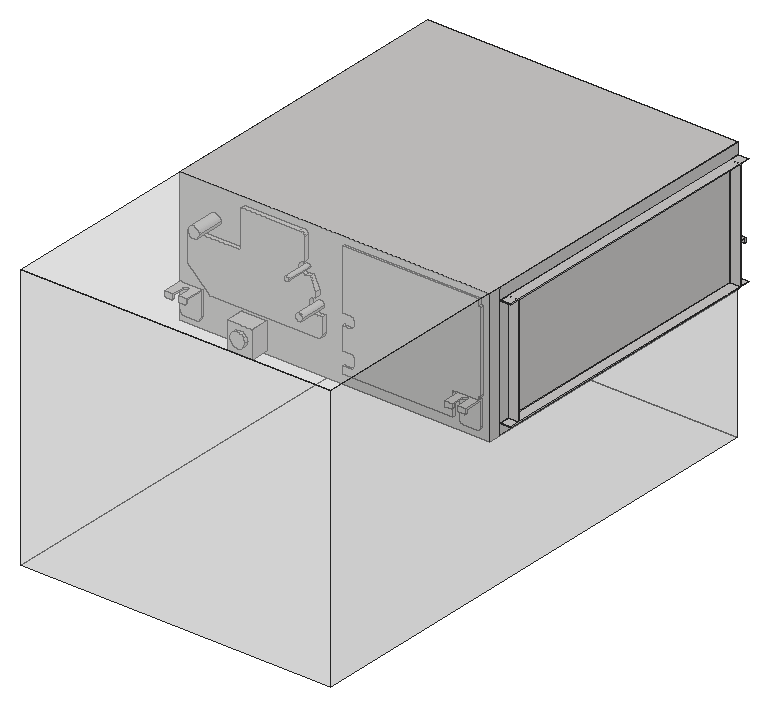
Revit family "outputfile", category 機械設備, Revit 2024
Family settings
  丸型コネクタ寸法 = 半径を使用
  パーツ タイプ = 標準
  OmniClass 番号 = 23.75.10.24.21.27.27
  OmniClass タイトル = Split System Air Conditioning Units
  作業面ベース = いいえ
  常に垂直 = はい
  ロード時にボイドで切り取り = いいえ
  注釈の向きを維持 = いいえ
  共有 = いいえ
  部屋計算ポイント = はい
Parameters (values of type "FXMQ80BFV2S")
  Description = ""
  製造元 = "Daikin"
  書き出し IFC クラス(タイプ) = "IfcUnitaryEquipmentType"
  定義済み IFC タイプ(タイプ) = "AIRCONDITIONINGUNIT"
  Cost = 0
  モデル = "FXMQ80BFV2S"
  Type Comments = ""
  Keynote = ""
  Type Image = (empty or 0)
  Assembly Code = ""
  w_dischargeflange = 505.0 mm
  w_suctionflange = 670.0 mm
  r_Liquid Pipe Size = Liquid Pipe Size / 2  # 4.75 mm
  r_Gas Pipe Size = Gas Pipe Size / 2  # 7.95 mm
  r_Drain Pipe Size = Drain Pipe Size / 2  # 12.5 mm
  lw_powersupply = 380.0 mm  # constant formula
  lw_mountinghole_pitch = 631.0 mm  # constant formula
  lw_mountinghole = 27.0 mm  # constant formula
  lw_maintenacesocket = 169.0 mm  # constant formula
  lw_liquidpipe = 290.0 mm  # constant formula
  lw_gaspipe = 318.0 mm  # constant formula
  lw_drainpipe = 80.0 mm  # constant formula
  lh_dischargeflange = 165.0 mm  # constant formula
  lh_powersupply = 56.0 mm  # constant formula
  lh_maintenacesocket = 40.0 mm  # constant formula
  lh_liquidpipe = 212.0 mm  # constant formula
  lh_gaspipe = 144.0 mm  # constant formula
  lh_drainpipe = 232.0 mm  # constant formula
  lh_suctionflange = 150.0 mm  # constant formula
  lh_antena = Height - lh_mountinghole + 1.0 mm  # 221.0 mm
  ld_dischargeflange = 285.0 mm
  ld_powersupply = Depth / 2  # 350.0 mm
  ld_mountinghole_pitch = 738.0 mm
  ld_suctionflange = 363.0 mm
  h_dischargeflange = 265.0 mm  # constant formula
  lh_mountinghole = 80.0 mm  # constant formula
  h_mountinghole = [h***] + lh_mountinghole  # 80.0 mm
  h_suctionflange = 297.0 mm  # constant formula
  h*** = 0.0 mm  # constant formula
  d_dischargeflange = 25.0 mm  # constant formula
  d_pipe = 60.0 mm
  d_suctionflange = 25.0 mm  # constant formula
  Width = 700.0 mm
  Voltage_comment_50Hz = "220-240"
  Voltage_50Hz = 230 V
  Version = "ver.1.0"
  Unit Type = "Outdoor Air Processing Unit"
  Unit Mass Weight = 28.00 kg
  Unit Designation [instance] = ""
  Uniclass2015Version = "Products v1.30"
  Uniclass2015Title = "Variable refrigerant flow units"
  Uniclass2015Code = "Pr_70_65_03_94"
  URL = ""
  Total Cooling Capacity [instance] = 0.000 kW
  Supply Air Direction [instance] = yes
  Sound Pressure Level_M speed (dBA) = 30
  Sound Pressure Level_L speed (dBA) = 23
  Sound Pressure Level_H speed (dBA) = 37.5
  Sound Power Level_H speed (dB) = 0
  Series = "VRV Fan Coil Unit"
  Sensible Cooling Capacity [instance] = 0.000 kW
  SA Duct Size Width = 460.0 mm
  SA Duct Size Height = 215.0 mm
  Refrigerant Type = "R410A"
  Power Input (Cooling) = 0.080 kW
  Phase_50Hz = 1
  Option Accessory 3 [instance] = ""
  Option Accessory 2 [instance] = ""
  Option Accessory 1 [instance] = ""
  OA Duct Size Width = 625.0 mm
  OA Duct Size Height = 247.0 mm
  Nominal Cooling Capacity = 9.000 kW
  Minimum External Static Pressure = 50.00 Pa
  Minimum Circuit Amps_50Hz = 1.38 A
  Minimum Airflow = 348.00 m³/h
  Median Airflow = 516.00 m³/h
  Maximum Fuse Amps_50Hz = 16.0 A
  Maximum External Static Pressure = 200.00 Pa
  Maximum Airflow = 690.00 m³/h
  Material_Casing = DAIKIN_GalvanizedSteel_Casing_indoorunit
  Load Classification = HVAC
  Liquid Pipe Size = 9.5 mm
  Link_Nested Family [instance] = ""
  IfcVersion = "0"
  IfcExportType = "AIRCONDITIONINGUNIT"
  IfcExportAs = "IfcUnitaryEquipmentType"
  Height = 300.0 mm
  Heat Exchanger Type = "Cross Fin Coil"
  Gas Pipe Size = 15.9 mm
  Frequency_50Hz = 50 Hz
  Fan Type = "Sirocco Fan"
  Fan Drive = "Direct Drive"
  FCU Tag No. [instance] = ""
  Drain Pipe Size = 25.0 mm
  Design Supply Airflow [instance] = 0.00 m³/h
  Design Outdoor Airflow [instance] = 0.00 m³/h
  Design External Static Pressure [instance] = 0.00 Pa
  Depth = 700.0 mm
  既定の高さ = 0.0 mm
  Cooling Entering Wet Bulb Temperature [instance] = 0.00 °C
  Cooling Entering Dry Bulb Temperature [instance] = 0.00 °C
  Cooling Ambient Wet Bulb Temperature [instance] = 0.00 °C
  Cooling Ambient Dry Bulb Temperature [instance] = 0.00 °C
  Clearance visibility [instance] = yes
  Clearance Top = 0.0 mm
  Clearance Right = 0.0 mm
  Clearance Rear = 0.0 mm
  Clearance Left = 0.0 mm
  Clearance Front = 450.0 mm
  Clearance Bottom = 300.0 mm
Reference planes
  plane 1 "Center (Front/Back)": y = 0
  plane 2: z = 0
  plane 3 "Center (Left/Right)": x = 0
  plane 4 "Back": y = 350
  plane 5 "Front": y = -350
  plane 6 "Left": x = -350
  plane 7 "Right": x = 350
  plane 8 "Top": z = 0
  plane 9 "Bottom": z = -300
  plane 10: y = 350
  plane 11: y = -800
  plane 12: x = 350
  plane 13: x = -350
  plane 14: z = 0
  plane 15: z = -600
  plane 16: y = -356
  plane 17: y = -360
  plane 18: y = -391
  plane 19: y = -399
  plane 20: y = -410
  plane 21 "ld_drainpipe": x = -270
  plane 22 "ld_liquidpipe": x = -60
  plane 23 "ld_gaspipe": x = -32
  plane 24 "lh_gaspipe": z = -156
  plane 25 "lh_drainpipe": z = -68
  plane 26 "lh_liquidpipe": z = -88
  plane 27 "h_mountinghole": z = -220
  plane 28: x = -323
  plane 29: x = 308
  plane 30: y = 369
  plane 31: y = -369
  plane 32 "lh_powersuply": z = -244
  plane 33 "ld_powersupply": x = 30
  plane 34 "lh_suctionflange": z = -150
  plane 35 "ld_suctionflange": y = 13
  plane 36 "ld_dischargeflange": y = 65
  plane 37 "lh_dischargeflange": z = -135
  plane 38 "lh_maintenacesocket": z = -260
  plane 39 "lw_maintenacesocket": x = -181
Forms (mm)
  Extrusion 1, solid, material "DAIKIN_GalvanizedSteel_Casing_indoorunit" <- "Material_Casing"
    sketch origin (0, 0, 0) x (1, 0, 0) y (0, 0, 1)
      loop
        line (-350, 0) -> (-350, -300) -> (350, -300) -> (350, 0) -> (-350, 0)
    from -350 to 350
  Extrusion 2, solid, material "DAIKIN_GalvanizedSteel_Casing_indoorunit" <- "Material_Casing"
    sketch origin (0, 0, 0) x (1, 0, 0) y (0, 0, 1)
      loop
        line (23.104, -151.299) -> (41.1, -151.326)
        arc (41.1, -151.326) -> (46.767, -153.673) -> (49.114, -159.34) r 8.015
        line (49.114, -159.34) -> (49.104, -169.302)
        arc (49.104, -169.302) -> (46.761, -174.959) -> (41.104, -177.302) r 8
        line (41.104, -177.302) -> (23.104, -177.302) -> (23.104, -227.302) -> (41.104, -227.302)
        arc (41.104, -227.302) -> (46.761, -229.645) -> (49.104, -235.302) r 8
        line (49.104, -235.302) -> (49.104, -251.302)
        arc (49.104, -251.302) -> (46.761, -256.959) -> (41.104, -259.302) r 8
        line (41.104, -259.302) -> (23.104, -259.302) -> (23.104, -274.802) -> (271.104, -274.802) -> (271.104, -224.802)
        arc (271.104, -224.802) -> (272.568, -221.266) -> (276.104, -219.802) r 5
        line (276.104, -219.802) -> (327.104, -219.802)
        spline (327.104, -219.802) -> (327.496, -219.776) -> (327.88, -219.7) -> (328.252, -219.574) -> (328.604, -219.4) -> (328.93, -219.182) -> (329.225, -218.923) -> (329.484, -218.628) -> (329.702, -218.302) -> (329.876, -217.95) -> (330.002, -217.578) -> (330.078, -217.194) -> (330.104, -216.802)
        line (330.104, -216.802) -> (330.104, -213) -> (332, -213)
        arc (332, -213) -> (334.121, -212.121) -> (335, -210) r 3
        line (335, -210) -> (335, -32)
        arc (335, -32) -> (334.121, -29.879) -> (332, -29) r 3
        line (332, -29) -> (330.104, -29) -> (330.104, -15.8) -> (23.104, -15.8) -> (23.104, -151.299)
    from 350 to 356
  Extrusion 3, solid, material "DAIKIN_GalvanizedSteel_Casing_indoorunit" <- "Material_Casing"
    sketch origin (0, 0, 0) x (1, 0, 0) y (0, 0, 1)
      loop
        line (-70, -15.8) -> (-201, -15.8)
        arc (-201, -15.8) -> (-203.121, -16.679) -> (-204, -18.8) r 3
        line (-204, -18.8) -> (-204, -102) -> (-321, -102)
        arc (-321, -102) -> (-323.121, -102.879) -> (-324, -105) r 3
        line (-324, -105) -> (-324, -167.757)
        arc (-324, -167.757) -> (-323.772, -168.905) -> (-323.121, -169.879) r 3
        line (-323.121, -169.879) -> (-274.879, -218.121)
        arc (-274.879, -218.121) -> (-273.905, -218.772) -> (-272.757, -219) r 3
        line (-272.757, -219) -> (-30, -219)
        arc (-30, -219) -> (-22.929, -216.071) -> (-20, -209) r 10
        line (-20, -209) -> (-20, -172.5) -> (-26.169, -172.5)
        arc (-26.169, -172.5) -> (-49.051, -159.94) -> (-34, -138.615) r 17.5
        line (-34, -138.615) -> (-34, -127.5) -> (-47, -100.5) -> (-56.429, -100.5)
        arc (-56.429, -100.5) -> (-72.874, -89.803) -> (-60, -75) r 13
        line (-60, -75) -> (-60, -25.8)
        arc (-60, -25.8) -> (-62.929, -18.729) -> (-70, -15.8) r 10
    from 360 to 350
  Extrusion 4, solid, material "DAIKIN_GalvanizedSteel_Casing_indoorunit" <- "Material_Casing"
    sketch origin (0, 0, 0) x (1, 0, 0) y (0, 0, 1)
      loop
        line (-209.102, -232.7) -> (-209.102, -292.398) -> (-152.898, -292.398) -> (-152.898, -232.7)
        arc (-152.898, -232.7) -> (-153.133, -232.133) -> (-153.7, -231.898) r 0.802
        line (-153.7, -231.898) -> (-208.298, -231.898)
        arc (-208.298, -231.898) -> (-208.865, -232.133) -> (-209.102, -232.7) r 0.802
    from 350 to 391
  Extrusion 5, solid, material "DAIKIN_GalvanizedSteel_Casing_indoorunit" <- "Material_Casing"
    sketch origin (0, 0, 0) x (1, 0, 0) y (0, 0, 1)
      loop
        circle (-181, -260) r 16.5
    from 391 to 399
  Extrusion 6, solid, material "DAIKIN_GalvanizedSteel_Casing_indoorunit" <- "Material_Casing"
    sketch origin (0, 0, 0) x (1, 0, 0) y (0, 0, 1)
      loop
        circle (-270, -68) r 12.5
      loop
        circle (-60, -88) r 4.75
      loop
        circle (-32, -156) r 7.95
    from 350 to 410
Dimensions and locks
  "Height": plane 8 "Top" to plane 9 "Bottom"
  equal spacing: plane 6 "Left", plane 3 "Center (Left/Right)", plane 7 "Right", locked at 350 each
  "Width": plane 6 "Left" to plane 7 "Right"
  equal spacing: plane 4 "Back", plane 1 "Center (Front/Back)", plane 5 "Front"
  "Depth": plane 4 "Back" to plane 5 "Front"
  "Clearance Left": plane 13 to plane 6 "Left"
  "Clearance Right": plane 7 "Right" to plane 12
  "Clearance Rear": plane 10 to plane 4 "Back"
  "Clearance Front": plane 5 "Front" to plane 11
  "Clearance Top": plane 14 to plane 8 "Top"
  "Clearance Bottom": plane 9 "Bottom" to plane 15
  Extrusion 2 sketch curve to Extrusion 2 sketch curve to Extrusion 2 sketch curve = 307.0 mm locked, 4.896 mm locked
  Extrusion 2 sketch curve to Extrusion 2 sketch curve to Extrusion 2 sketch curve to Extrusion 2 sketch curve to Extrusion 2 sketch curve = 26.0 mm locked, 222.0 mm locked, 59.0 mm locked, 4.896 mm locked
  locked: Extrusion 2 sketch curve to Extrusion 2 sketch curve at 26.01
  locked: Extrusion 2 sketch curve to nested 1 at 23.104
  locked: Extrusion 2 sketch curve to plane 3 "Center (Left/Right)" at 23.104
  plane 3 "Center (Left/Right)" to Extrusion 2 sketch curve = 23.104 mm
  Extrusion 2 sketch curve to Extrusion 2 sketch curve to Extrusion 2 sketch curve to Extrusion 2 sketch curve to Extrusion 2 sketch curve = 161.502 mm locked, 50.0 mm locked, 32.0 mm locked, 15.5 mm locked
  locked: Extrusion 2 sketch curve to Extrusion 2 sketch curve at 68.127
  locked: Extrusion 2 sketch curve to Extrusion 2 sketch curve at 13.2
  locked: Extrusion 2 sketch curve to Extrusion 2 sketch curve at 6.802
  locked: Extrusion 2 sketch curve to Extrusion 2 sketch curve at 55
  locked: plane 5 "Front" to plane 16 at 6
  locked: plane 5 "Front" to plane 17 at 10
  locked: plane 5 "Front" to plane 18 at 41
  "d_pipe": plane 5 "Front" to plane 20
  "lw_drainpipe": plane 6 "Left" to plane 21 "ld_drainpipe"
  "lw_liquidpipe": plane 6 "Left" to plane 22 "ld_liquidpipe"
  "lw_gaspipe": plane 6 "Left" to plane 23 "ld_gaspipe"
  "lh_gaspipe": plane 24 "lh_gaspipe" to plane 9 "Bottom"
  "lh_liquidpipe": plane 26 "lh_liquidpipe" to plane 9 "Bottom"
  "lh_drainpipe": plane 25 "lh_drainpipe" to plane 9 "Bottom"
  "lh_mountinghole": plane 27 "h_mountinghole" to plane 9 "Bottom"
  "lw_mountinghole": plane 6 "Left" to plane 28
  "lw_mountinghole_pitch": plane 28 to plane 29
  equal spacing: plane 30, plane 1 "Center (Front/Back)", plane 31
  "ld_mountinghole_pitch": plane 30 to plane 31
  locked: Extrusion 3 sketch curve to plane 6 "Left" at 146
  locked: Extrusion 3 sketch curve to plane 6 "Left" at 290
  locked: plane 6 "Left" to Extrusion 3 sketch curve at 26
  locked: Extrusion 3 sketch curve to plane 6 "Left" at 316
  locked: Extrusion 3 sketch curve to plane 6 "Left" at 330
  locked: Extrusion 3 sketch curve to plane 9 "Bottom" at 81
  locked: Extrusion 3 sketch curve to plane 9 "Bottom" at 284.2
  locked: Extrusion 3 sketch curve to plane 9 "Bottom" at 199.5
  locked: Extrusion 3 sketch curve to plane 9 "Bottom" at 127.5
  locked: Extrusion 3 sketch curve to plane 9 "Bottom" at 198
  "lh_powersupply": plane 32 "lh_powersuply" to plane 9 "Bottom"
  "lw_powersupply": plane 6 "Left" to plane 33 "ld_powersupply"
  "lh_suctionflange": plane 34 "lh_suctionflange" to plane 9 "Bottom"
  "ld_suctionflange": plane 35 "ld_suctionflange" to plane 5 "Front"
  "ld_dischargeflange": plane 4 "Back" to plane 36 "ld_dischargeflange"
  "lh_dischargeflange": plane 37 "lh_dischargeflange" to plane 9 "Bottom"
  locked: plane 5 "Front" to plane 19 at 49
  "lh_maintenacesocket": plane 38 "lh_maintenacesocket" to plane 9 "Bottom"
  "lw_maintenacesocket": plane 6 "Left" to plane 39 "lw_maintenacesocket"
  equal spacing: Extrusion 4 sketch curve, plane 39 "lw_maintenacesocket", Extrusion 4 sketch curve
  locked: Extrusion 4 sketch curve to Extrusion 4 sketch curve at 56.204
  Extrusion 4 sketch curve to plane 38 "lh_maintenacesocket" to Extrusion 4 sketch curve = 28.102 mm locked, 32.398 mm locked
  "r_Drain Pipe Size": radius of Extrusion 6 sketch curve
  "r_Liquid Pipe Size": radius of Extrusion 6 sketch curve
  "r_Gas Pipe Size": radius of Extrusion 6 sketch curve
  aligned and locked: level to plane 2
  aligned and locked: Extrusion 1 sketch curve to plane 8 "Top"
  aligned and locked: plane 6 "Left" to Extrusion 1 sketch curve
  aligned and locked: plane 9 "Bottom" to Extrusion 1 sketch curve
  aligned and locked: Extrusion 1 sketch curve to plane 7 "Right"
  aligned and locked: plane 4 "Back" to Extrusion 1
  aligned and locked: Extrusion 1 to plane 5 "Front"
  aligned and locked: plane 10 to nested 1
  aligned and locked: plane 11 to nested 1
  aligned and locked: plane 12 to nested 1
  aligned and locked: nested 1 to plane 13
  aligned and locked: plane 15 to nested 1
  aligned and locked: plane 14 to nested 1
  aligned and locked: Extrusion 2 to plane 16
  aligned and locked: plane 5 "Front" to Extrusion 2
  aligned and locked: Extrusion 4 to plane 18
  aligned and locked: plane 5 "Front" to Extrusion 4
  aligned and locked: Extrusion 5 to plane 19
  aligned and locked: plane 18 to Extrusion 5
  aligned and locked: plane 25 "lh_drainpipe" to Extrusion 6 sketch curve
  aligned and locked: plane 21 "ld_drainpipe" to Extrusion 6 sketch curve
  aligned and locked: plane 26 "lh_liquidpipe" to Extrusion 6 sketch curve
  aligned and locked: plane 22 "ld_liquidpipe" to Extrusion 6 sketch curve
  aligned and locked: plane 23 "ld_gaspipe" to Extrusion 6 sketch curve
  aligned and locked: plane 24 "lh_gaspipe" to Extrusion 6 sketch curve
  aligned and locked: Extrusion 6 to plane 20
  aligned and locked: plane 5 "Front" to Extrusion 6
  aligned and locked: nested 2 to plane 5 "Front"
  aligned and locked: nested 2 to plane 21 "ld_drainpipe"
  aligned and locked: plane 25 "lh_drainpipe" to nested 2
  aligned and locked: nested 3 to plane 5 "Front"
  aligned and locked: nested 4 to plane 5 "Front"
  aligned and locked: plane 26 "lh_liquidpipe" to nested 3
  aligned and locked: plane 24 "lh_gaspipe" to nested 4
  aligned and locked: plane 29 to nested 5
  aligned and locked: plane 4 "Back" to nested 5
  aligned and locked: plane 27 "h_mountinghole" to nested 5
  aligned and locked: plane 28 to nested 6
  aligned and locked: plane 4 "Back" to nested 6
  aligned and locked: plane 27 "h_mountinghole" to nested 6
  aligned and locked: nested 7 to plane 29
  aligned and locked: plane 5 "Front" to nested 7
  aligned and locked: plane 5 "Front" to nested 8
  aligned and locked: nested 8 to plane 28
  aligned and locked: nested 7 to plane 27 "h_mountinghole"
  aligned and locked: nested 8 to plane 27 "h_mountinghole"
  aligned and locked: Extrusion 3 to plane 17
  aligned and locked: plane 5 "Front" to Extrusion 3
  aligned and locked: nested 11 to plane 28
  aligned and locked: nested 11 to plane 30
  aligned and locked: nested 12 to plane 29
  aligned and locked: nested 12 to plane 30
  aligned and locked: nested 9 to plane 29
  aligned and locked: plane 31 to nested 9
  aligned and locked: nested 10 to plane 28
  aligned and locked: plane 31 to nested 10
  aligned and locked: nested 13 to plane 32 "lh_powersuply"
  aligned and locked: plane 1 "Center (Front/Back)" to nested 14
  aligned and locked: nested 14 to plane 3 "Center (Left/Right)"
  aligned and locked: plane 34 "lh_suctionflange" to nested 15
  aligned and locked: plane 7 "Right" to nested 15
  aligned and locked: plane 35 "ld_suctionflange" to nested 15
  aligned and locked: nested 16 to plane 36 "ld_dischargeflange"
  aligned and locked: nested 16 to plane 6 "Left"
  aligned and locked: plane 37 "lh_dischargeflange" to nested 16
  aligned and locked: nested 17 to plane 6 "Left"
  aligned and locked: nested 17 to plane 36 "ld_dischargeflange"
  aligned and locked: plane 7 "Right" to nested 18
  aligned and locked: plane 35 "ld_suctionflange" to nested 18
  aligned and locked: nested 18 to plane 34 "lh_suctionflange"
  aligned and locked: nested 17 to plane 37 "lh_dischargeflange"
  aligned and locked: plane 38 "lh_maintenacesocket" to Extrusion 5 sketch curve
  aligned and locked: plane 39 "lw_maintenacesocket" to Extrusion 5 sketch curve
  aligned and locked: nested 3 to plane 22 "ld_liquidpipe"
  aligned and locked: nested 4 to plane 23 "ld_gaspipe"
  aligned and locked: nested 13 to plane 33 "ld_powersupply"
  aligned and locked: level to plane 8 "Top"
Automatic sketch dimensions
  Extrusion 2 sketch curve to Extrusion 2 sketch curve = 0.027 mm
  Extrusion 2 sketch curve to Extrusion 2 sketch curve = 8.015 mm
  Extrusion 2 sketch curve to Extrusion 2 sketch curve = 8.01 mm
  Extrusion 2 sketch curve to Extrusion 2 sketch curve = 0.0 mm  (x4)
  Extrusion 2 sketch curve to Extrusion 2 sketch curve = 8.0 mm  (x3)
  Extrusion 2 sketch curve to Extrusion 2 sketch curve = 5.0 mm
  Extrusion 2 sketch curve to Extrusion 2 sketch curve = 3.0 mm  (x2)
  Extrusion 2 sketch curve to Extrusion 2 sketch curve = 1.896 mm  (x2)
  Extrusion 2 sketch curve to plane 8 "Top" = 15.8 mm
  Extrusion 4 sketch curve to Extrusion 4 sketch curve = 0.804 mm
  Extrusion 4 sketch curve to Extrusion 4 sketch curve = 0.802 mm  (x2)
  Extrusion 4 sketch curve to Extrusion 4 sketch curve = 0.0 mm
  plane 23 "ld_gaspipe" to Extrusion 3 sketch curve = 0.0 mm
  Extrusion 3 sketch curve to plane 24 "lh_gaspipe" = 0.0 mm
  Extrusion 3 sketch curve to plane 26 "lh_liquidpipe" = 0.0 mm
  plane 28 to Extrusion 3 sketch curve = 0.121 mm
  Extrusion 3 sketch curve to plane 28 = 2.0 mm  (x2)
  plane 21 "ld_drainpipe" to Extrusion 3 sketch curve = 4.879 mm
  plane 21 "ld_drainpipe" to Extrusion 3 sketch curve = 2.757 mm
  Extrusion 3 sketch curve to Extrusion 3 sketch curve = 3.0 mm  (x2)
  plane 22 "ld_liquidpipe" to Extrusion 3 sketch curve = 10.0 mm
  Extrusion 3 sketch curve to plane 22 "ld_liquidpipe" = 3.571 mm
  Extrusion 3 sketch curve to Extrusion 3 sketch curve = 9.429 mm
  Extrusion 3 sketch curve to plane 23 "ld_gaspipe" = 2.0 mm
  Extrusion 3 sketch curve to plane 23 "ld_gaspipe" = 5.831 mm
  Extrusion 3 sketch curve to plane 24 "lh_gaspipe" = 11.757 mm
  Extrusion 3 sketch curve to Extrusion 3 sketch curve = 11.115 mm
  radius of Extrusion 5 sketch curve = 16.5 mm
Nested families
  nested 1: "daikin_clearancespace" at (0, -225, -299.881), visible <- "Clearance visibility", show <- "Clearance visibility", Link_Nested Family <- "Link_Nested Family", type "daikin_clearancespace"
    with width 700.0 mm, show yes, height 600.0 mm, depth 1150.0 mm, Link_Nested Family ""
  nested 2: "daikin_connector_rotate2" at (-270, -350, -68), length <- "d_pipe", radius <- "r_Drain Pipe Size", type "daikin_connector_rotate2"
    with radius 12.5 mm, length 60.0 mm, angle_vertical 90.00°, show_face no
  nested 3: "daikin_connector_rotate2" at (-60, -350, -88), length <- "d_pipe", radius <- "r_Liquid Pipe Size", type "daikin_connector_rotate2"
    with radius 4.75 mm, length 60.0 mm, angle_vertical 90.00°, show_face no
  nested 4: "daikin_connector_rotate2" at (-32, -350, -156), length <- "d_pipe", radius <- "r_Gas Pipe Size", type "daikin_connector_rotate2"
    with radius 7.95 mm, length 60.0 mm, angle_vertical 90.00°, show_face no
  nested 5: "daikin_hangerfixture_FXMQ-BFV2S" at (308, 350, -220) x (-1, 0, 0) z (0, 0, 1), type "daikin_hangerfixture_FXMQ-BFV2S"
  nested 6: "daikin_hangerfixture_FXMQ-BFV2S" at (-323, 350, -220) x (-1, 0, 0) z (0, 0, 1), type "daikin_hangerfixture_FXMQ-BFV2S"
  nested 7: "daikin_hangerfixture_FXMQ-BFV2S" at (308, -350, -220) x (-1, 0, 0) z (0, 0, 1), type "daikin_hangerfixture_FXMQ-BFV2S"
  nested 8: "daikin_hangerfixture_FXMQ-BFV2S" at (-323, -350, -220) x (-1, 0, 0) z (0, 0, 1), type "daikin_hangerfixture_FXMQ-BFV2S"
  nested 9: "daikin_mountinghole" at (308, -369, -300), Link_Nested Family <- "Link_Nested Family", l_antenna <- "lh_antena", h_mountinghole <- "h_mountinghole", type "daikin_mountinghole"
    with show yes, l_antenna 221.0 mm, h_mountinghole 80.0 mm, Link_Nested Family ""
  nested 10: "daikin_mountinghole" at (-323, -369, -300), Link_Nested Family <- "Link_Nested Family", l_antenna <- "lh_antena", h_mountinghole <- "h_mountinghole", type "daikin_mountinghole"
    with show yes, l_antenna 221.0 mm, h_mountinghole 80.0 mm, Link_Nested Family ""
  nested 11: "daikin_mountinghole" at (-323, 369, -300), Link_Nested Family <- "Link_Nested Family", l_antenna <- "lh_antena", h_mountinghole <- "h_mountinghole", type "daikin_mountinghole"
    with show yes, l_antenna 221.0 mm, h_mountinghole 80.0 mm, Link_Nested Family ""
  nested 12: "daikin_mountinghole" at (308, 369, -300), Link_Nested Family <- "Link_Nested Family", l_antenna <- "lh_antena", h_mountinghole <- "h_mountinghole", type "daikin_mountinghole"
    with show yes, l_antenna 221.0 mm, h_mountinghole 80.0 mm, Link_Nested Family ""
  nested 13: "daikin_connector_rotate2" at (30, 0, -244), length <- "ld_powersupply", type "daikin_connector_rotate2"
    with radius 10.0 mm, length 350.0 mm, angle_vertical 90.00°, show_face no
  nested 14: "daikin_△_symbolicline" at (0, 0, 300) x (0, -1, 0) z (0, 0, 1), visible <- "Supply Air Direction", built-in parameter 1001364 <- "Height", type "daikin_△_symbolicline"
    with length 300.0 mm
  nested 15: "daikin_ductflange_FXMQ-BFV2S" at (350, 13, -298.5) x (0, 1, 0) z (0, 0, 1), depth <- "d_suctionflange", height <- "h_suctionflange", width <- "w_suctionflange", material <- "Material_Casing", type "daikin_ductflange_FXMQ-BFV2S"
    with width 670.0 mm, top1 25.0 mm, right1 22.5 mm, material DAIKIN_GalvanizedSteel_Casing_indoorunit, left1 22.5 mm, height 297.0 mm, depth 25.0 mm, Bottom1 25.0 mm
  nested 16: "daikin_ductflange_FXMQ-BFV2S" at (-350, 65, -267.5) x (0, -1, 0) z (0, 0, 1), material <- "Material_Casing", depth <- "d_dischargeflange", height <- "h_dischargeflange", width <- "w_dischargeflange", type "daikin_ductflange_FXMQ-BFV2S"
    with width 505.0 mm, top1 25.0 mm, right1 22.5 mm, material DAIKIN_GalvanizedSteel_Casing_indoorunit, left1 22.5 mm, height 265.0 mm, depth 25.0 mm, Bottom1 25.0 mm
  nested 17: "daikin_connector_rotate2" at (-350, 65, -135) x (0, -1, 0) z (0, 0, 1), length <- "d_dischargeflange", type "daikin_connector_rotate2"
    with radius 10.0 mm, length 25.0 mm, angle_vertical 90.00°, show_face no
  nested 18: "daikin_connector_rotate2" at (350, 13, -150) x (0, 1, 0) z (0, 0, 1), length <- "d_suctionflange", type "daikin_connector_rotate2"
    with radius 10.0 mm, length 25.0 mm, angle_vertical 90.00°, show_face no
Connectors
  piping at (-270, -410, -68), diameter 25, driven by "r_Drain Pipe Size"
    settings: on nested 2, index 1, connector inside diameter 609.6 mm, connector length 0.0 mm, flow factor 0, pipe flow 0.00 m³/h, pressure drop 0.0 Pa, fitting loss kfactor 0, connector angle 0.00°, fixture units 0, engagement length 0.0 mm, angle of deflection 0.00°, flow configuration 1, flow direction 2, fitting loss method 4, system type 16, joint type 0, gender type 0, connector reference index -1, connector utility 0, adjustable connector no, is connector primary yes, connector description "Condensate Drain Piping"
  piping at (-60, -410, -88), diameter 9.5, driven by "r_Liquid Pipe Size"
    settings: on nested 3, index 2, connector inside diameter 609.6 mm, connector length 0.0 mm, flow factor 0, pipe flow 0.00 m³/h, pressure drop 0.0 Pa, fitting loss kfactor 0, connector angle 0.00°, fixture units 0, engagement length 0.0 mm, angle of deflection 0.00°, flow configuration 1, flow direction 1, fitting loss method 0, system type 29, joint type 0, gender type 0, connector reference index -1, connector utility 0, adjustable connector no, is connector primary no, connector description "Refrigerant Liquid Piping"
  piping at (-32, -410, -156), diameter 15.9, driven by "r_Gas Pipe Size"
    settings: on nested 4, index 3, connector inside diameter 609.6 mm, connector length 0.0 mm, flow factor 0, pipe flow 0.00 m³/h, pressure drop 0.0 Pa, fitting loss kfactor 0, connector angle 0.00°, fixture units 0, engagement length 0.0 mm, angle of deflection 0.00°, flow configuration 1, flow direction 2, fitting loss method 0, system type 29, joint type 0, gender type 0, connector reference index -1, connector utility 0, adjustable connector no, is connector primary no, connector description "Refrigerant Gas Piping"
  electrical at (30, -350, -244), driven by "Load Classification"
    settings: on nested 13, index 4, voltage 0 V, apparent load 0 VA, apparent load phase1 0 VA, apparent load phase2 0 VA, apparent load phase3 0 VA, power factor 1, load classification "HVAC", number of poles 1, system type 30, power factor state 1, is connector primary yes, connector utility no, sub classification motor no, connector description "Power Supply"
  hvac at (375, 13, -150), driven by "OA Duct Size Height", driven by "OA Duct Size Width"
    settings: on nested 15, index 5, duct flow 0.00 m³/h, flow factor 0, pres drop 0.00 Pa, loss coef 0, conn angle 0.00°, conn width 625.0 mm, conn height 247.0 mm, conn diameter 609.6 mm, duct sys type 1, conn prof type 1, flow config 0, flow direction 1, loss method 4, conn ref index -1, conn util no, is conn primary no, conn desc "OA Duct"
  hvac at (-375, 65, -135), driven by "SA Duct Size Height", driven by "SA Duct Size Width"
    settings: on nested 16, index 6, duct flow 0.00 m³/h, flow factor 0, pres drop 0.00 Pa, loss coef 0, conn angle 0.00°, conn width 460.0 mm, conn height 215.0 mm, conn diameter 609.6 mm, duct sys type 1, conn prof type 1, flow config 0, flow direction 2, loss method 4, conn ref index -1, conn util no, is conn primary yes, conn desc "SA Duct"
Definition of nested family "daikin_clearancespace"
  Parameters (values of type "daikin_clearancespace")
    width [instance] = 1823.963 mm
    show [instance] = yes
    material = none
    height [instance] = 1359.762 mm
    depth [instance] = 880.0 mm
    Default Elevation = 0.0 mm
    Link_Nested Family [instance] = ""
  Reference planes
    plane 1 "Center (Front/Back)": y = 0
    plane 2 "Center (Elevation)": z = -0.119
    plane 3 "Center (Left/Right)": x = 0
    plane 4: y = 440
    plane 5: y = -440
    plane 6 "Right": x = 911.982
    plane 7 "Left": x = -911.982
    plane 8 "Top": z = 679.762
    plane 9 "Bottom": z = -680
  Forms (mm)
    Extrusion 1, solid, material <- "material", visible <- "show"
      sketch origin (0, 0, 0) x (1, 0, 0) y (0, 1, 0)
        loop
          line (-911.982, 440) -> (-911.982, -440) -> (911.982, -440) -> (911.982, 440) -> (-911.982, 440)
      from -680 to 679.762
  Lines and regions (mm)
    symbolic lines, visible <- "show"
      curve 1: line (911.982, 440, 0) -> (-911.982, 440, 0)
      curve 2: line (-911.982, 440, 0) -> (-911.982, -440, 0)
      curve 3: line (-911.982, -440, 0) -> (911.982, -440, 0)
      curve 4: line (911.982, -440, 0) -> (911.982, 440, 0)
      curve 5: line (911.982, 0, 679.762) -> (-911.982, 0, 679.762)
      curve 6: line (911.982, 0, -680) -> (911.982, 0, 679.762)
      curve 7: line (-911.982, 0, -680) -> (911.982, 0, -680)
      curve 8: line (-911.982, 0, 679.762) -> (-911.982, 0, -680)
      curve 9: line (0, 440, 679.762) -> (0, -440, 679.762)
      curve 10: line (0, -440, 679.762) -> (0, -440, -680)
      curve 11: line (0, 440, -680) -> (0, 440, 679.762)
      curve 12: line (0, -440, -680) -> (0, 440, -680)
  Dimensions and locks
    "width": plane 7 "Left" to plane 6 "Right"
    "depth": plane 4 to plane 5
    "height": plane 8 "Top" to plane 9 "Bottom"
    equal spacing: plane 7 "Left", plane 3 "Center (Left/Right)", plane 6 "Right"
    equal spacing: plane 4, plane 1 "Center (Front/Back)", plane 5
    equal spacing: plane 8 "Top", plane 2 "Center (Elevation)", plane 9 "Bottom"
    aligned and locked: level to plane 2 "Center (Elevation)"
    aligned and locked: Extrusion 1 sketch curve to plane 4
    aligned and locked: plane 7 "Left" to Extrusion 1 sketch curve
    aligned and locked: Extrusion 1 sketch curve to plane 5
    aligned and locked: Extrusion 1 sketch curve to plane 6 "Right"
    aligned and locked: plane 8 "Top" to Extrusion 1
    aligned and locked: curve 1 to Extrusion 1
    aligned and locked: curve 2 to Extrusion 1
    aligned and locked: curve 3 to Extrusion 1
    aligned and locked: curve 4 to Extrusion 1
    aligned and locked: curve 5 to Extrusion 1
    aligned and locked: curve 6 to Extrusion 1
    aligned and locked: curve 7 to Extrusion 1
    aligned and locked: curve 8 to Extrusion 1
    aligned and locked: curve 9 to Extrusion 1
    aligned and locked: curve 10 to Extrusion 1
    aligned and locked: curve 11 to Extrusion 1
    aligned and locked: curve 12 to Extrusion 1
    aligned and locked: Extrusion 1 to plane 9 "Bottom"
Definition of nested family "daikin_hangerfixture_FXMQ-BFV2S"
  Parameters (values of type "daikin_hangerfixture_CeilingMountedDuct")
    width = 48.0 mm
    material = none
    height = 65.0 mm
    depth = 45.0 mm
    Default Elevation = 0.0 mm
  Reference planes
    plane 1 "Center (Front/Back)": y = 0
    plane 2: z = 0
    plane 3 "Center (Left/Right)": x = 0
    plane 4: y = 417.146
    plane 5: y = -45
    plane 6: x = -24
    plane 7: x = 24
    plane 8: z = -2.3
    plane 9: z = -65
    plane 10: y = -2.3
    plane 11: z = -12
    plane 12: y = -42.7
  Forms (mm)
    Extrusion 1, solid, material <- "material"
      sketch origin (0, 0, 0) x (1, 0, 0) y (0, 1, 0)
        loop
          line (24, 0) -> (-24, 0) -> (-24, -45) -> (-6, -45) -> (-6, -19)
          arc (-6, -19) -> (0, -13) -> (6, -19) r 6
          line (6, -19) -> (6, -45) -> (24, -45) -> (24, 0)
      from 0 to -2.3
    Extrusion 2, solid, material <- "material"
      sketch origin (0, 0, 0) x (1, 0, 0) y (0, 0, 1)
        loop
          line (24, -55) -> (24, 0) -> (-24, 0) -> (-24, -55)
          arc (-24, -55) -> (-21.071, -62.071) -> (-14, -65) r 10
          line (-14, -65) -> (14, -65)
          arc (14, -65) -> (21.071, -62.071) -> (24, -55) r 10
      from 0 to 2.3
    Extrusion 3, solid, material <- "material"
      sketch origin (0, 0, 0) x (1, 0, 0) y (0, 0, 1)
        loop
          line (-6, -9) -> (-6, 0) -> (-24, 0) -> (-24, -9)
          arc (-24, -9) -> (-23.121, -11.121) -> (-21, -12) r 3
          line (-21, -12) -> (-9, -12)
          arc (-9, -12) -> (-6.879, -11.121) -> (-6, -9) r 3
        loop
          line (6, 0) -> (6, -9)
          arc (6, -9) -> (6.879, -11.121) -> (9, -12) r 3
          line (9, -12) -> (21, -12)
          arc (21, -12) -> (23.121, -11.121) -> (24, -9) r 3
          line (24, -9) -> (24, 0) -> (6, 0)
      from 42.7 to 45
  Cuts and joins
    joined: Extrusion 1, Extrusion 2, Extrusion 3
  Dimensions and locks
    "width": plane 6 to plane 7
    "depth": plane 5 to plane 1 "Center (Front/Back)"
    plane 2 to plane 8 = 2.3 mm
    "height": plane 2 to plane 9
    locked: plane 10 to plane 1 "Center (Front/Back)" at 2.3
    locked: plane 2 to plane 11 at 12
    locked: plane 12 to plane 5 at 2.3
    aligned and locked: level to plane 2
    aligned and locked: Extrusion 1 sketch curve to plane 1 "Center (Front/Back)"
    aligned and locked: plane 7 to Extrusion 1
    aligned and locked: Extrusion 1 to plane 6
    aligned and locked: Extrusion 1 to plane 5  (x2)
    aligned and locked: Extrusion 1 to plane 8
    aligned and locked: plane 2 to Extrusion 1
    aligned and locked: plane 2 to Extrusion 2 sketch curve
    aligned and locked: Extrusion 2 to plane 9
    aligned and locked: Extrusion 2 to plane 10
    aligned and locked: Extrusion 2 to plane 1 "Center (Front/Back)"
    aligned and locked: plane 2 to Extrusion 3 sketch curve  (x2)
    aligned and locked: Extrusion 3 to plane 11  (x2)
    aligned and locked: plane 12 to Extrusion 3
    aligned and locked: Extrusion 3 to plane 5
  Automatic sketch dimensions
    Extrusion 1 sketch curve to plane 6 = 0.0 mm
    Extrusion 1 sketch curve to plane 5 = 0.0 mm  (x2)
    Extrusion 1 sketch curve to plane 3 "Center (Left/Right)" = 0.0 mm
    Extrusion 1 sketch curve to plane 7 = 0.0 mm
    Extrusion 1 sketch curve to plane 3 "Center (Left/Right)" = 6.0 mm
    plane 1 "Center (Front/Back)" to Extrusion 1 sketch curve = 19.0 mm
    Extrusion 2 sketch curve to plane 7 = 0.0 mm
    Extrusion 2 sketch curve to plane 7 = 10.0 mm
    Extrusion 2 sketch curve to plane 8 = 52.7 mm
    plane 6 to Extrusion 2 sketch curve = 10.0 mm
    Extrusion 2 sketch curve to plane 6 = 0.0 mm
    Extrusion 3 sketch curve to plane 6 = 0.0 mm
    Extrusion 3 sketch curve to plane 7 = 0.0 mm
    Extrusion 3 sketch curve to Extrusion 3 sketch curve = 3.0 mm  (x2)
    Extrusion 3 sketch curve to plane 8 = 6.7 mm
    Extrusion 3 sketch curve to plane 3 "Center (Left/Right)" = 9.0 mm
    Extrusion 3 sketch curve to plane 3 "Center (Left/Right)" = 6.0 mm
    plane 3 "Center (Left/Right)" to Extrusion 3 sketch curve = 6.0 mm
    Extrusion 3 sketch curve to plane 7 = 3.0 mm
    Extrusion 3 sketch curve to plane 8 = 9.7 mm
Definition of nested family "daikin_ductflange_FXMQ-BFV2S"
  Parameters (values of type "daikin_ductflange_CeilingMountedDuct")
    width [instance] = 670.0 mm
    right1 [instance] = 22.5 mm
    left1 [instance] = 22.5 mm
    Bottom1 [instance] = 25.0 mm
    material [instance] = none
    height [instance] = 272.0 mm
    depth [instance] = 25.0 mm
    top1 [instance] = 25.0 mm
    Default Elevation = 0.0 mm
  Reference planes
    plane 1 "Center (Front/Back)": y = 0
    plane 2: z = 0
    plane 3 "Center (Left/Right)": x = 0
    plane 4: y = -25
    plane 5: x = -335
    plane 6: x = 335
    plane 7 "Top": z = 272
    plane 8: y = -1
    plane 9: x = -312.5
    plane 10: x = 312.5
    plane 11: z = 247
    plane 12: z = 25
    plane 13 "Center (Elevation)": z = 136
  Forms (mm)
    Extrusion 1, solid, material <- "material"
      sketch origin (0, 0, 0) x (1, 0, 0) y (0, 0, 1)
        loop
          line (-335, 272) -> (-335, 0) -> (335, 0) -> (335, 272) -> (-335, 272)
        loop
          line (-312.5, 247) -> (-312.5, 25) -> (312.5, 25) -> (312.5, 247) -> (-312.5, 247)
      from 0 to 1
    Extrusion 2, solid, material <- "material"
      sketch origin (0, 0, 0) x (1, 0, 0) y (0, 1, 0)
        loop
          line (-312.5, -1) -> (-313.496, -1) -> (-313.496, -25) -> (-312.5, -25) -> (-312.5, -1)
        loop
          line (312.5, -1) -> (312.5, -25) -> (313.496, -25) -> (313.496, -1) -> (312.5, -1)
      from 25 to 247
    Extrusion 3, solid, material <- "material"
      sketch origin (0, 0, 0) x (0, 1, 0) y (0, 0, 1)
        loop
          line (-1, 247) -> (-1, 247.958) -> (-25, 247.958) -> (-25, 247) -> (-1, 247)
        loop
          line (-1, 25) -> (-25, 25) -> (-25, 24.042) -> (-1, 24.042) -> (-1, 25)
      from -335 to 335
  Cuts and joins
    joined: Extrusion 1, Extrusion 2, Extrusion 3
  Dimensions and locks
    "height": plane 7 "Top" to plane 2
    "width": plane 5 to plane 6
    equal spacing: plane 5, plane 3 "Center (Left/Right)", plane 6
    "depth": plane 1 "Center (Front/Back)" to plane 4
    locked: plane 8 to plane 1 "Center (Front/Back)" at 1
    "left1": plane 5 to plane 9
    "right1": plane 10 to plane 6
    locked: Extrusion 2 sketch curve to Extrusion 2 sketch curve at 0.996  (x2)
    "top1": plane 7 "Top" to plane 11
    "Bottom1": plane 12 to plane 2
    equal spacing: plane 7 "Top", plane 13 "Center (Elevation)", plane 2
    locked: Extrusion 3 sketch curve to Extrusion 2 at 0.958  (x2)
    aligned and locked: level to plane 2
    aligned and locked: Extrusion 1 sketch curve to plane 7 "Top"
    aligned and locked: plane 5 to Extrusion 1 sketch curve
    aligned and locked: Extrusion 1 sketch curve to plane 6
    aligned and locked: plane 2 to Extrusion 1 sketch curve
    aligned and locked: Extrusion 1 to plane 8
    aligned and locked: Extrusion 2 sketch curve to plane 8
    aligned and locked: Extrusion 2 sketch curve to plane 9
    aligned and locked: plane 8 to Extrusion 2 sketch curve
    aligned and locked: Extrusion 2 sketch curve to plane 10
    aligned and locked: plane 11 to Extrusion 2
    aligned and locked: Extrusion 2 to plane 12
    aligned and locked: plane 8 to Extrusion 3 sketch curve
    aligned and locked: Extrusion 3 sketch curve to plane 11
    aligned and locked: Extrusion 3 sketch curve to plane 8
    aligned and locked: Extrusion 3 sketch curve to plane 12
    aligned and locked: Extrusion 3 to plane 5
    aligned and locked: plane 6 to Extrusion 3
    aligned and locked: plane 4 to Extrusion 2 sketch curve
    aligned and locked: Extrusion 2 sketch curve to plane 4
    aligned and locked: plane 4 to Extrusion 3 sketch curve
    aligned and locked: Extrusion 3 sketch curve to plane 4
    aligned and locked: plane 9 to Extrusion 1 sketch curve
    aligned and locked: Extrusion 1 sketch curve to plane 10
    aligned and locked: plane 12 to Extrusion 1 sketch curve
    aligned and locked: Extrusion 1 sketch curve to plane 11
Definition of nested family "daikin_connector_rotate2"
  Parameters (values of type "daikin_connector_rotate2")
    show_face = yes
    radius [instance] = 10.0 mm
    length [instance] = 600.0 mm
    d_surface = 10.0 mm
    angle_vertical [instance] = 90.00°
    Default Elevation = 0.0 mm
  Reference planes
    plane 1 "Center (Front/Back)": y = 0
    plane 2: z = 0
    plane 3 "Center (Left/Right)": x = 0
  Forms (mm)
    Extrusion 1, solid, visible <- "show_face"
      sketch origin (0, -600, 0) x (1, 0, 0) y (0, 0, 1)
        loop
          circle (0, 0) r 10
      from 0 to -10
  Lines and regions (mm)
    reference lines
      curve 1: line (0, 0, 0) -> (0, -600, 0)
    symbolic lines
      curve 2: circle (0, 0, 0) r 5 normal (0, 0, 1)
    model lines, visible <- "show_face"
      curve 3: line (0, 0, 0) -> (0, -600, 0)
  Dimensions and locks
    "length": curve 1 to curve 1
    "length": curve 3 to curve 3
    "d_surface": Extrusion 1 to Extrusion 1
    "radius": radius of Extrusion 1 sketch curve
    "angle_vertical": angle curve 1 to plane 1 "Center (Front/Back)"
    "angle_vertical": angle curve 3 to plane 1 "Center (Front/Back)"
    aligned and locked: level to plane 2
    aligned and locked: plane 1 "Center (Front/Back)" to curve 1
    aligned and locked: plane 2 to curve 1
    aligned and locked: plane 1 "Center (Front/Back)" to curve 2
    aligned and locked: plane 3 "Center (Left/Right)" to curve 2
    aligned and locked: plane 1 "Center (Front/Back)" to curve 3
    aligned and locked: plane 2 to curve 3
    aligned and locked: Extrusion 1 to Extrusion 1
  Automatic sketch dimensions
    Extrusion 1 sketch curve to level = 0.0 mm
    Extrusion 1 sketch curve to plane 3 "Center (Left/Right)" = 0.0 mm
    radius of curve 2 = 5.0 mm
Definition of nested family "daikin_mountinghole"
  Parameters (values of type "daikin_mountinghole")
    Default Elevation = 1219.2 mm
    Type Comments = "mountinghole"
    show [instance] = yes
    material = none
    l_centerline = 100.0 mm
    l_antenna [instance] = 100.0 mm
    h_mountinghole [instance] = 0.0 mm
    d_circle = 30.0 mm
    Link_Nested Family [instance] = ""
  Reference planes
    plane 1 "Center (Front/Back)": y = 0
    plane 2: z = 0
    plane 3 "Center (Left/Right)": x = 0
    plane 4: y = 50
    plane 5: x = -50
    plane 6: x = 50
    plane 7: y = -50
    plane 8 "h_mountinghole": z = 0
    plane 9: z = 100
  Lines and regions (mm)
    model lines, detail levels fine
      curve 1: circle (0, 0, 0) r 15 normal (0, 0, 1)
      curve 2: line (-50, 0, 0) -> (50, 0, 0)
      curve 3: line (0, 50, 0) -> (0, -50, 0)
    symbolic lines, detail levels fine
      curve 4: circle (0, 0, 0) r 15 normal (0, 0, 1)
      curve 5: line (-50, 0, 0) -> (50, 0, 0)
      curve 6: line (0, 50, 0) -> (0, -50, 0)
    model lines
      curve 7: line (0, 0, 100) -> (0, 0, 0)
  Dimensions and locks
    equal spacing: plane 4, plane 1 "Center (Front/Back)", plane 7
    "l_centerline": plane 4 to plane 7
    equal spacing: plane 5, plane 3 "Center (Left/Right)", plane 6
    "l_centerline": plane 5 to plane 6
    "l_antenna": plane 9 to plane 8 "h_mountinghole"
    "h_mountinghole": plane 8 "h_mountinghole" to plane 2
    "d_circle": diameter of curve 1
    "d_circle": diameter of curve 4
    aligned and locked: level to plane 2
    aligned and locked: plane 1 "Center (Front/Back)" to curve 1
    aligned and locked: plane 3 "Center (Left/Right)" to curve 1
    aligned and locked: plane 1 "Center (Front/Back)" to curve 2
    aligned and locked: curve 3 to plane 3 "Center (Left/Right)"
    aligned and locked: plane 6 to curve 2
    aligned and locked: plane 5 to curve 2
    aligned and locked: plane 4 to curve 3
    aligned and locked: plane 7 to curve 3
    aligned and locked: plane 1 "Center (Front/Back)" to curve 4
    aligned and locked: plane 3 "Center (Left/Right)" to curve 4
    aligned and locked: plane 6 to curve 5
    aligned and locked: plane 5 to curve 5
    aligned and locked: plane 1 "Center (Front/Back)" to curve 5
    aligned and locked: plane 4 to curve 6
    aligned and locked: plane 7 to curve 6
    aligned and locked: curve 6 to plane 3 "Center (Left/Right)"
    aligned and locked: curve 7 to plane 3 "Center (Left/Right)"
    aligned and locked: plane 9 to curve 7
    aligned and locked: plane 8 "h_mountinghole" to curve 7
Definition of nested family "daikin_△_symbolicline"
  Parameters (values of type "daikin_△_symbolicline")
    length [instance] = 500.0 mm
    Default Elevation = 0.0 mm
  Reference planes
    plane 1 "Center (Front/Back)": y = 0
    plane 2: z = 0
    plane 3 "Center (Left/Right)": x = 0
  Lines and regions (mm)
    symbolic lines
      curve 1: line (0, -433.013, 0) -> (250, 0, 0)
      curve 2: line (250, 0, 0) -> (-250, 0, 0)
      curve 3: line (-250, 0, 0) -> (0, -433.013, 0)
  Dimensions and locks
    equal spacing: curve 3, plane 3 "Center (Left/Right)", curve 2
    "length": curve 3 to curve 2
    "length": curve 3 to curve 3
    "length": curve 1 to curve 1
    aligned and locked: level to plane 2
    aligned and locked: curve 2 to plane 1 "Center (Front/Back)"
    aligned and locked: plane 3 "Center (Left/Right)" to curve 3
